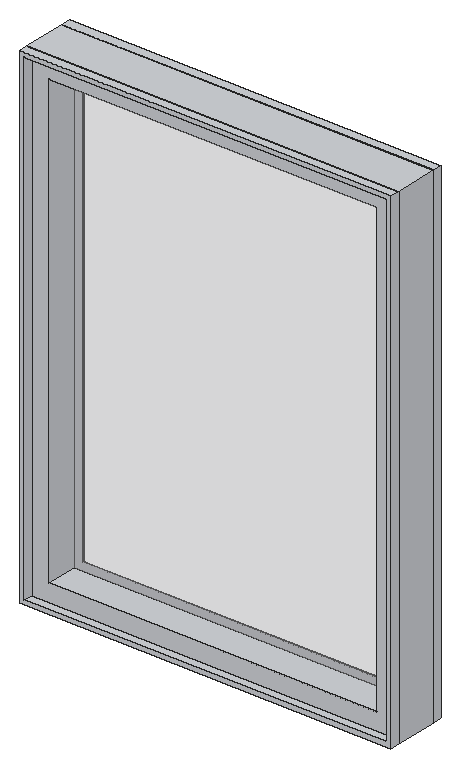
Revit family "G541_Fixed_Window-Peerless", category Windows, host Wall, Revit 2019
Family settings
  Host = Wall
  OmniClass Number = 23.30.20.00
  OmniClass Title = Windows
  Always vertical = Yes
  Cut with Voids When Loaded = No
  Shared = No
  Room Calculation Point = No
Parameters (values of type "G541 Fixed 36" x 48"")
  Weight (lbs) = (((Height / 1.000") / 12) + ((Width / 1.000") / 12)) * 7  # 49
  Warranty URL = "https://smartbim-library-production.s3.amazonaws.com/manufacturers/cdf3d296-4637-4822-8528-4df1e33802a8/products/91469a85-94f5-45f9-a60f-24c51597249b/downloads/7dff4158-d18c-4702-a036-b93493c65adf/Sample%20Warranty.pdf"
  URL = "https://www.peerlessproducts.com/"
  Rough Width = Width + 0.250"  # 36.250"
  Rough Height = Height + 0.250"  # 48.250"
  Product Page URL = "https://peerlessproducts.concora.com/products/9467fc92-df7d-440a-bb44-bffd27dd64a3"
  Product Data Sheet URL = "https://www.peerlessproducts.com/Portals/0/PeerlessAssets/pdf/G541Fixed.pdf"
  Model = "G541"  # constant formula
  Manufacturer Phone = "620-223-4610"  # constant formula
  Manufacturer Fax = "620-224-3107"  # constant formula
  Manufacturer Email = "slero@peerlessproducts.com"
  Manufacturer Address = "2403 S Main St, Fort Scott, KS 66701"  # constant formula
  Manufacturer = "Peerless Products, Inc"  # constant formula
  Height = 48.000"
  Frame Finish [instance] = none
  Description = "G541 is an ultra-performing fixed over fixed window meant to meet the most stringent thermal performances in the industry, commonly used in high-rise and window wall applications."  # constant formula
  Default Sill Height = 36.000"
  Wall Closure = By host
  Width = 36.000"
  Analytic Construction = "<None>"
  04 CSI = "08 50 00"  # constant formula
Reference planes (in)
  plane 1 "Center (Front/Back)": y = 0
  plane 2: z = 0
  plane 3 "Center (Left/Right)": x = 0
  plane 4 "Left": x = -18
  plane 5 "Right": x = 18
  plane 6 "Sill": z = 36
  plane 7 "Top": z = 84
Forms (in)
  Sweep 1, solid, material <- "Frame Finish"
    path origin (0, 0, 0) x (1, 0, 0) y (0, 0, 1)
      loop
        line (-18, 84) -> (-18, 36) -> (18, 36) -> (18, 84) -> (-18, 84)
    profile origin (0, 0, 84) x (0, 0, 1) y (0, -1, 0)
      loop
        line (0, -2.12303) -> (0, 2.12303) -> (-2.08294, 2.12303) -> (-2.08294, -0.8964) -> (-1.31311, -0.8964) -> (-1.31311, -1.8964) -> (-2.18926, -1.8964) -> (-2.18926, -1.92885)
        arc (-2.18926, -1.92885) -> (-2.14674, -1.95686) -> (-2.11678, -1.99803) r 0.14255
        line (-2.11678, -1.99803) -> (-2.08279, -1.99803) -> (-2.08279, -2.12303) -> (0, -2.12303)
  Extrusion 2, solid, material "Glass - Cardinal Glass - Peerless Products"
    sketch origin (0, 0, 0) x (1, 0, 0) y (0, 0, 1)
      loop
        line (-16.68689, 82.68689) -> (-16.68689, 37.31311) -> (16.68689, 37.31311) -> (16.68689, 82.68689) -> (-16.68689, 82.68689)
    from -1.8964 to -0.8964
  Sweep 3, solid, material <- "Frame Finish"
    path origin (-18, 2.12303, 84) x (1, 0, 0) y (0, 0, -1)
      loop
        line (36, 48) -> (0, 48) -> (0, 0) -> (36, 0) -> (36, 48)
    profile origin (0, 2.12303, 36) x (0, 0, 1) y (0, 1, 0)
      loop
        line (0, 0) -> (0.32672, 0) -> (0.25, 0.87697) -> (0, 0.87697) -> (0, 0)
  Sweep 4, solid, material <- "Frame Finish"
    path origin (-15.91706, -2.12303, 81.91706) x (1, 0, 0) y (0, 0, 1)
      loop
        line (-2.08294, -45.91706) -> (33.91706, -45.91706) -> (33.91706, 2.08294) -> (-2.08294, 2.08294) -> (-2.08294, -45.91706)
    profile origin (0, -2.12303, 36) x (0, 0, 1) y (0, -1, 0)
      loop
        line (0, 0) -> (0.4, 0) -> (0.4, 0.87697) -> (0, 0.87697) -> (0, 0)
Lines and regions (in)
  Opening 1
    outline origin (-60, -3, 0) x (1, 0, 0) y (0, 0, 1)
      loop
        line (42, 84) -> (42, 36) -> (78, 36) -> (78, 84) -> (42, 84)
Text (in)
  text "EXTERIOR" at (-58.6888, 50.90694, 0), in view "Ref. Level"
  text "INTERIOR" at (-58.6888, -37.76638, 0), in view "Ref. Level"
  text "Exterior" at (0, 43.65631, 123.19604), in view "Left"
  text "Exterior" at (0, 18.29385, 125.04747), in view "Right"
Dimensions and locks (in)
  equal spacing: plane 4 "Left", plane 3 "Center (Left/Right)", plane 5 "Right"
  "Width": plane 4 "Left" to plane 5 "Right"
  "Height": plane 6 "Sill" to plane 7 "Top"
  "Default Sill Height": plane 2 to plane 6 "Sill"
  locked: Sweep 3 sketch curve to Sweep 3 sketch curve at 0.25
  aligned and locked: plane 7 "Top" to Opening 1 sketch curve
  aligned and locked: plane 6 "Sill" to Opening 1 sketch curve  (x2)
  aligned and locked: plane 5 "Right" to Opening 1 sketch curve
  aligned and locked: plane 4 "Left" to Opening 1 sketch curve
  aligned and locked: level to plane 2
  aligned and locked: Extrusion 2 to Sweep 1  (x6)
  aligned and locked: import instance to plane 7 "Top"
  aligned and locked: Sweep 3 sketch curve to Sweep 1
  aligned and locked: Sweep 1 to Sweep 3 sketch curve
  aligned and locked: Sweep 3 sketch curve to host wall
  aligned and locked: Sweep 4 sketch curve to Sweep 1
  aligned and locked: Sweep 1 to Sweep 4 sketch curve
  aligned and locked: Sweep 4 sketch curve to host wall
Automatic sketch dimensions
  plane 5 "Right" to Sweep 1 sketch curve = 0.000"
  Sweep 1 sketch curve to plane 6 "Sill" = 0.000"
  Sweep 1 sketch curve to plane 7 "Top" = 0.000"
  plane 4 "Left" to Sweep 1 sketch curve = 0.000"
  Extrusion 2 sketch curve to plane 4 "Left" = 1.31311"
  plane 7 "Top" to Extrusion 2 sketch curve = 1.31311"
  Extrusion 2 sketch curve to plane 6 "Sill" = 1.31311"
  plane 5 "Right" to Extrusion 2 sketch curve = 1.31311"
  profile plane to Sweep 1 sketch curve = 0.000"
  profile plane to Sweep 1 sketch curve = 1.31311"
  Sweep 1 sketch curve to Sweep 1 sketch curve = 0.76968"
  profile plane to Sweep 1 sketch curve = 2.08294"
  Sweep 1 sketch curve to Sweep 1 sketch curve = 0.03399"
  Sweep 1 sketch curve to Sweep 1 sketch curve = 0.07248"
  Sweep 1 sketch curve to Sweep 1 sketch curve = 0.05591"
  Sweep 1 sketch curve to plane 1 "Center (Front/Back)" = 2.05998"
  Sweep 1 sketch curve to Sweep 1 sketch curve = 0.06194"
  Sweep 1 sketch curve to plane 1 "Center (Front/Back)" = 0.8964"
  plane 1 "Center (Front/Back)" to Sweep 1 sketch curve = 2.12303"
  Sweep 1 sketch curve to Sweep 1 sketch curve = 0.125"
  Sweep 1 sketch curve to Sweep 1 sketch curve = 0.03245"
  Sweep 3 sketch curve to Sweep 1 = 0.000"  (x4)
  Sweep 3 sketch curve to profile plane = 0.32672"
  Sweep 4 sketch curve to Sweep 1 = 0.000"  (x3)
  Sweep 1 to Sweep 4 sketch curve = 0.000"
  Sweep 4 sketch curve to profile plane = 0.400"
